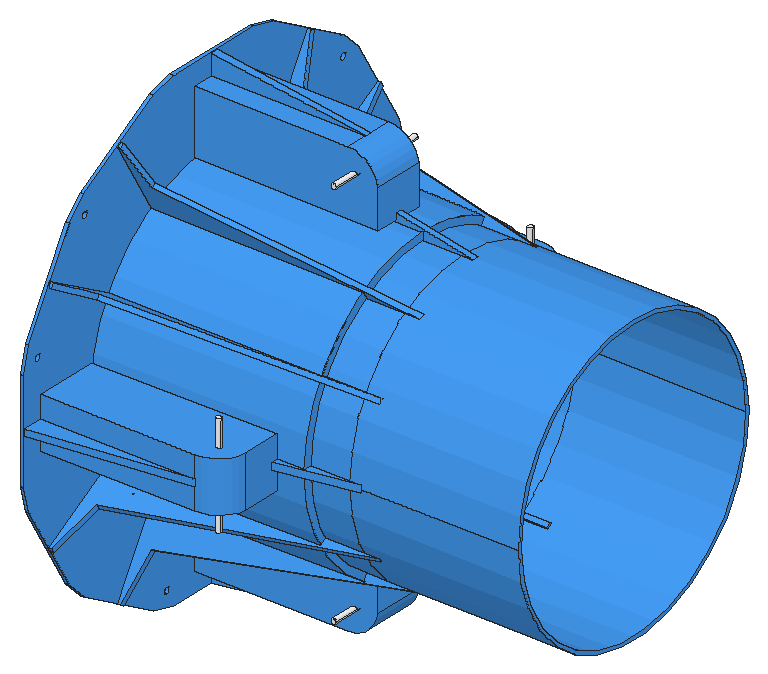
Revit family "H150S REV 0", category Pipe Accessories, Revit 2018
Family settings
  Round Connector Dimension = Use Diameter
  Part Type = Breaks Into
  Work Plane-Based = No
  Always vertical = No
  Cut with Voids When Loaded = Yes
  Shared = No
Parameters
  URL = "http://suresnap.co.uk"
  Model = "H150S"
  Manufacturer = "Suresnap Fire Collars UK"
  Description = "SURE SNAP H150S Cast In Device"
  Cut Depth Offset [instance] = Cut Depth + 1 mm  # 1 mm
  Cut Depth [instance] = 0 mm
  Assembly Code = ""
Reference planes
  plane 1 "Center (Front/Back)": y = 0
  plane 2: z = 0
  plane 3 "Center (Left/Right)": x = 21
  plane 4: x = -230
  plane 5: x = -80
  plane 6: y = 90.593
  plane 7: y = -50
  plane 8: y = 100.593
  plane 9: y = -60
  plane 10: x = -99.679
  plane 11: x = -79.975
Forms (mm)
  Revolve 1, solid, material "PVC-Blue", detail levels medium+fine
    sketch origin (0, 0, 0) x (1, 0, 0) y (0, 1, 0)
      loop
        line (-227.967, -90.913) -> (-102.967, -89.384) -> (-102.967, -84.925) -> (-79.996, -84.925) -> (21, -84.925) -> (21, -83.083) -> (-79.975, -83.083) -> (-105.12, -83.083) -> (-105.12, -86.915) -> (-230, -88.572) -> (-230, -143.5) -> (-227.967, -143.5) -> (-227.967, -90.913)
      axis (-230, 0) -> (21, 0)
    angle from 0 to 360
  Extrusion 2, void
    sketch origin (-227.967, 0, 0) x (0, 1, 0) y (0, 0, -1)
      loop
        line (-37.614, -140.376) -> (37.614, -140.376) -> (102.762, -102.762) -> (140.376, -37.614) -> (140.376, 37.614) -> (102.762, 102.762) -> (37.614, 140.376) -> (-37.614, 140.376) -> (-102.762, 102.762) -> (-140.376, 37.614) -> (-140.376, -37.614) -> (-102.762, -102.762) -> (-37.614, -140.376)
      loop
        circle (0, 0) r 162.092
    from 0 to 2.033
  Extrusion 3, void
    sketch origin (-227.967, 0, 0) x (0, 1, 0) y (0, 0, -1)
      loop
        circle (-95.441, -95.441) r 2.129
      loop
        circle (-130.375, -34.934) r 2.129
      loop
        circle (130.371, -34.948) r 2.129
      loop
        circle (95.43, -95.452) r 2.129
      loop
        circle (-34.934, 130.375) r 2.129
      loop
        circle (34.934, 130.375) r 2.129
    from 0 to 2.033
  Extrusion 4, solid, material "PVC-Blue", detail levels fine
    sketch origin (0, 0, 0) x (1, 0, 0) y (0, 0, 1)
      loop
        line (-227.967, 140.376) -> (-227.967, 128.221) -> (-136.488, 128.221) -> (-227.967, 140.376)
      loop
        line (-118.976, 93.797) -> (-118.976, 84.926) -> (-73.339, 84.926) -> (-118.976, 93.797)
    from -2 to 2
  Extrusion 5, solid, material "PVC-White", not visible, detail levels fine
    sketch origin (0, 0, 0) x (1, 0, 0) y (0, 0, 1)
      loop
        line (-80, 60.418) -> (-227.967, 86.048) -> (-227.967, 69.12) -> (-80, 60.418)
    from -1.5 to 1.5
  Extrusion 6, solid, material "PVC-White", not visible, detail levels fine
    sketch origin (0, 0, 0) x (1, 0, 0) y (0, -0.5, 0.866025)
      loop
        line (-80, 60.418) -> (-227.967, 86.048) -> (-227.967, 69.12) -> (-80, 60.418)
    from -1.5 to 1.5
  Extrusion 7, solid, material "PVC-White", not visible, detail levels fine
    sketch origin (0, 0, 0) x (1, 0, 0) y (0, -0.866025, 0.5)
      loop
        line (-80, 60.418) -> (-227.967, 86.048) -> (-227.967, 69.12) -> (-80, 60.418)
    from -1.5 to 1.5
  Extrusion 8, solid, material "PVC-White", not visible, detail levels fine
    sketch origin (0, 0, 0) x (0, -1, 0) y (-1, 0, 0)
      loop
        line (60.418, 80) -> (86.048, 227.967) -> (69.12, 227.967) -> (60.418, 80)
    from -1.5 to 1.5
  Extrusion 9, solid, material "PVC-White", not visible, detail levels fine
    sketch origin (0, 0, 0) x (1, 0, 0) y (0, -0.866025, -0.5)
      loop
        line (-80, 60.418) -> (-227.967, 86.048) -> (-227.967, 69.12) -> (-80, 60.418)
    from -1.5 to 1.5
  Extrusion 10, solid, material "PVC-White", not visible, detail levels fine
    sketch origin (0, 0, 0) x (1, 0, 0) y (0, -0.5, -0.866025)
      loop
        line (-80, 60.418) -> (-227.967, 86.048) -> (-227.967, 69.12) -> (-80, 60.418)
    from -1.5 to 1.5
  Extrusion 11, solid, material "PVC-White", not visible, detail levels fine
    sketch origin (0, 0, 0) x (1, 0, 0) y (0, 0, -1)
      loop
        line (-80, 60.418) -> (-227.967, 86.048) -> (-227.967, 69.12) -> (-80, 60.418)
    from -1.5 to 1.5
  Extrusion 12, solid, material "PVC-White", not visible, detail levels fine
    sketch origin (0, 0, 0) x (1, 0, 0) y (0, 0.5, -0.866025)
      loop
        line (-80, 60.418) -> (-227.967, 86.048) -> (-227.967, 69.12) -> (-80, 60.418)
    from -1.5 to 1.5
  Extrusion 13, solid, material "PVC-White", not visible, detail levels fine
    sketch origin (0, 0, 0) x (1, 0, 0) y (0, 0.866025, -0.5)
      loop
        line (-80, 60.418) -> (-227.967, 86.048) -> (-227.967, 69.12) -> (-80, 60.418)
    from -1.5 to 1.5
  Extrusion 14, solid, material "PVC-White", not visible, detail levels fine
    sketch origin (0, 0, 0) x (1, 0, 0) y (0, 1, 0)
      loop
        line (-80, 60.418) -> (-227.967, 86.048) -> (-227.967, 69.12) -> (-80, 60.418)
    from -1.5 to 1.5
  Extrusion 15, solid, material "PVC-White", not visible, detail levels fine
    sketch origin (0, 0, 0) x (1, 0, 0) y (0, 0.866025, 0.5)
      loop
        line (-80, 60.418) -> (-227.967, 86.048) -> (-227.967, 69.12) -> (-80, 60.418)
    from -1.5 to 1.5
  Extrusion 16, solid, material "PVC-White", not visible, detail levels fine
    sketch origin (0, 0, 0) x (1, 0, 0) y (0, 0.5, 0.866025)
      loop
        line (-80, 60.418) -> (-227.967, 86.048) -> (-227.967, 69.12) -> (-80, 60.418)
    from -1.5 to 1.5
  Extrusion 17, solid, material "PVC-White", detail levels fine
    sketch origin (24.405, 0, 35.275) x (1, 0, 0) y (0, 0, 1)
      loop
        circle (-157.362, 79.878) r 1.5
    from -30 to 30
  Extrusion 18, void
    sketch origin (21, 0, 0) x (0, 1, 0) y (0, 0, -1)
      loop
        circle (0, 0) r 120
    from 0 to 1 <- "Cut Depth Offset"
  Extrusion 19, solid, material "PVC-Blue", detail levels fine
    sketch origin (0, 0, -12.155) x (1, 0, 0) y (0, 0, 1)
      loop
        line (-227.967, 103.119) -> (-118.976, 101.786) -> (-118.976, 124.831)
        arc (-118.976, 124.831) -> (-124.78, 135.929) -> (-136.488, 140.376) r 17.637
        line (-136.488, 140.376) -> (-227.967, 140.376) -> (-227.967, 103.119)
    from -15 to 15
  Extrusion 20, solid, material "PVC-Blue", detail levels fine
    sketch origin (0, 0, 0) x (1, 0, 0) y (0, 0.866025, -0.5)
      loop
        line (-227.967, 140.376) -> (-227.967, 95.93) -> (-79.996, 87.342) -> (-219.126, 111.334) -> (-225.831, 140.376) -> (-227.967, 140.376)
    from -1.5 to 1.5
  Extrusion 21, solid, material "PVC-White", not visible, detail levels fine
    sketch origin (0, 0, 0) x (1, 0, 0) y (0, 0, 1)
      loop
        line (-227.967, 140.376) -> (-227.967, 128.221) -> (-136.488, 128.221) -> (-227.967, 140.376)
    from -2 to 2
  Extrusion 22, solid, material "PVC-White", not visible, detail levels fine
    sketch origin (24.405, 0, 35.275) x (1, 0, 0) y (0, 0, 1)
      loop
        circle (-157.362, 79.878) r 1.5
    from -30 to 30
  Extrusion 23, solid, material "PVC-White", not visible, detail levels fine
    sketch origin (0, 0, -12.155) x (1, 0, 0) y (0, 0, 1)
      loop
        line (-227.967, 103.119) -> (-118.976, 101.786) -> (-118.976, 124.831)
        arc (-118.976, 124.831) -> (-124.78, 135.929) -> (-136.488, 140.376) r 17.637
        line (-136.488, 140.376) -> (-227.967, 140.376) -> (-227.967, 103.119)
    from -15 to 15
  Extrusion 24, solid, material "PVC-Blue", detail levels fine
    sketch origin (0, 0, 0) x (1, 0, 0) y (0, 0.5, -0.866025)
      loop
        line (-227.967, 140.376) -> (-227.967, 82.232) -> (-62.967, 82.232) -> (-62.967, 83.05) -> (-219.126, 111.334) -> (-225.831, 140.376) -> (-227.967, 140.376)
    from -1.5 to 1.5
  Extrusion 25, solid, material "PVC-Blue", detail levels fine
    sketch origin (0, 0, 0) x (1, 0, 0) y (0, 0.866025, 0.5)
      loop
        line (-227.967, 140.376) -> (-227.967, 82.232) -> (-62.967, 82.232) -> (-62.967, 83.05) -> (-219.126, 111.334) -> (-225.831, 140.376) -> (-227.967, 140.376)
    from -1.5 to 1.5
  Extrusion 26, solid, material "PVC-Blue", detail levels fine
    sketch origin (0, 0, 0) x (1, 0, 0) y (0, 0.5, 0.866025)
      loop
        line (-227.967, 140.376) -> (-227.967, 82.232) -> (-62.967, 82.232) -> (-62.967, 83.05) -> (-219.126, 111.334) -> (-225.831, 140.376) -> (-227.967, 140.376)
    from -1.5 to 1.5
  Extrusion 27, solid, material "PVC-Blue", detail levels fine
    sketch origin (0, 0, 0) x (1, 0, 0) y (0, -0.5, 0.866025)
      loop
        line (-227.967, 140.376) -> (-227.967, 82.232) -> (-62.967, 82.232) -> (-62.967, 83.05) -> (-219.126, 111.334) -> (-225.831, 140.376) -> (-227.967, 140.376)
    from -1.5 to 1.5
  Extrusion 28, solid, material "PVC-Blue", detail levels fine
    sketch origin (0, 0, 0) x (1, 0, 0) y (0, -0.866025, 0.5)
      loop
        line (-227.967, 140.376) -> (-227.967, 82.232) -> (-62.967, 82.232) -> (-62.967, 83.05) -> (-219.126, 111.334) -> (-225.831, 140.376) -> (-227.967, 140.376)
    from -1.5 to 1.5
  Extrusion 29, solid, material "PVC-Blue", detail levels fine
    sketch origin (0, 0, 0) x (1, 0, 0) y (0, -0.5, -0.866025)
      loop
        line (-227.967, 140.376) -> (-227.967, 82.232) -> (-62.967, 82.232) -> (-62.967, 83.05) -> (-219.126, 111.334) -> (-225.831, 140.376) -> (-227.967, 140.376)
    from -1.5 to 1.5
  Extrusion 30, solid, material "PVC-White", detail levels fine
    sketch origin (24.405, 35.275, 0) x (1, 0, 0) y (0, 1, 0)
      loop
        circle (-157.362, 79.878) r 1.5
    from -30 to 30
  Extrusion 31, solid, material "PVC-Blue", detail levels fine
    sketch origin (0, -12.155, 0) x (1, 0, 0) y (0, 1, 0)
      loop
        line (-227.967, 103.119) -> (-118.976, 101.786) -> (-118.976, 124.831)
        arc (-118.976, 124.831) -> (-124.78, 135.929) -> (-136.488, 140.376) r 17.637
        line (-136.488, 140.376) -> (-227.967, 140.376) -> (-227.967, 103.119)
    from -15 to 15
  Extrusion 32, solid, material "PVC-White", detail levels fine
    sketch origin (24.405, 0, -35.275) x (1, 0, 0) y (0, 0, -1)
      loop
        circle (-157.362, 79.878) r 1.5
    from -30 to 30
  Extrusion 33, solid, material "PVC-Blue", detail levels fine
    sketch origin (0, 0, 12.155) x (1, 0, 0) y (0, 0, -1)
      loop
        line (-227.967, 103.119) -> (-118.976, 101.786) -> (-118.976, 124.831)
        arc (-118.976, 124.831) -> (-124.78, 135.929) -> (-136.488, 140.376) r 17.637
        line (-136.488, 140.376) -> (-227.967, 140.376) -> (-227.967, 103.119)
    from -15 to 15
  Extrusion 34, solid, material "PVC-White", detail levels fine
    sketch origin (24.405, -35.275, 0) x (0, -1, 0) y (1, 0, 0)
      loop
        circle (79.878, -157.362) r 1.5
    from -30 to 30
  Extrusion 35, solid, material "PVC-Blue", detail levels fine
    sketch origin (0, 12.155, 0) x (0, -1, 0) y (1, 0, 0)
      loop
        line (103.119, -227.967) -> (140.376, -227.967) -> (140.376, -136.488)
        arc (140.376, -136.488) -> (135.929, -124.78) -> (124.831, -118.976) r 17.637
        line (124.831, -118.976) -> (101.786, -118.976) -> (103.119, -227.967)
    from -15 to 15
  Extrusion 36, solid, material "PVC-Blue", detail levels fine
    sketch origin (0, 0, 0) x (1, 0, 0) y (0, -0.866025, -0.5)
      loop
        line (-227.967, 140.376) -> (-227.967, 82.232) -> (-62.967, 82.232) -> (-62.967, 83.05) -> (-219.126, 111.334) -> (-225.831, 140.376) -> (-227.967, 140.376)
    from -1.5 to 1.5
  Extrusion 37, solid, material "PVC-White", not visible, detail levels fine
    sketch origin (0, 0, 0) x (1, 0, 0) y (0, 0, -1)
      loop
        line (-227.967, 140.376) -> (-227.967, 128.221) -> (-136.488, 128.221) -> (-227.967, 140.376)
    from -2 to 2
  Extrusion 38, solid, material "PVC-White", not visible, detail levels fine
    sketch origin (24.405, 0, -35.275) x (1, 0, 0) y (0, 0, -1)
      loop
        circle (-157.362, 79.878) r 1.5
    from -30 to 30
  Extrusion 39, solid, material "PVC-White", not visible, detail levels fine
    sketch origin (0, 0, 12.155) x (1, 0, 0) y (0, 0, -1)
      loop
        line (-227.967, 103.119) -> (-118.976, 101.786) -> (-118.976, 124.831)
        arc (-118.976, 124.831) -> (-124.78, 135.929) -> (-136.488, 140.376) r 17.637
        line (-136.488, 140.376) -> (-227.967, 140.376) -> (-227.967, 103.119)
    from -15 to 15
  Extrusion 40, solid, material "PVC-Blue", detail levels fine
    sketch origin (0, 0, 0) x (1, 0, 0) y (0, 1, 0)
      loop
        line (-227.967, 140.376) -> (-227.967, 128.221) -> (-136.488, 128.221) -> (-227.967, 140.376)
      loop
        line (-118.976, 93.797) -> (-118.976, 84.926) -> (-73.339, 84.926) -> (-118.976, 93.797)
    from -2 to 2
  Extrusion 41, solid, material "PVC-Blue", detail levels fine
    sketch origin (0, 0, 0) x (1, 0, 0) y (0, 0, -1)
      loop
        line (-227.967, 140.376) -> (-227.967, 128.221) -> (-136.488, 128.221) -> (-227.967, 140.376)
      loop
        line (-118.976, 93.797) -> (-118.976, 84.926) -> (-73.339, 84.926) -> (-118.976, 93.797)
    from -2 to 2
  Extrusion 42, solid, material "PVC-Blue", detail levels fine
    sketch origin (0, 0, 0) x (0, -1, 0) y (1, 0, 0)
      loop
        line (140.376, -227.967) -> (128.221, -136.488) -> (128.221, -227.967) -> (140.376, -227.967)
      loop
        line (93.797, -118.976) -> (84.926, -73.339) -> (84.926, -118.976) -> (93.797, -118.976)
    from -2 to 2
Cuts and joins
  Extrusion 2, Extrusion 3, Extrusion 18 cuts Revolve 1
Dimensions and locks
  Extrusion 5 sketch curve to Extrusion 5 sketch curve = 0 mm
  Extrusion 6 sketch curve to Extrusion 6 sketch curve = 0 mm
  Extrusion 7 sketch curve to Extrusion 7 sketch curve = 0 mm
  Extrusion 8 sketch curve to Extrusion 8 sketch curve = 0 mm
  Extrusion 9 sketch curve to Extrusion 9 sketch curve = 0 mm
  Extrusion 10 sketch curve to Extrusion 10 sketch curve = 0 mm
  Extrusion 11 sketch curve to Extrusion 11 sketch curve = 0 mm
  Extrusion 12 sketch curve to Extrusion 12 sketch curve = 0 mm
  Extrusion 13 sketch curve to Extrusion 13 sketch curve = 0 mm
  Extrusion 14 sketch curve to Extrusion 14 sketch curve = 0 mm
  Extrusion 15 sketch curve to Extrusion 15 sketch curve = 0 mm
  Extrusion 16 sketch curve to Extrusion 16 sketch curve = 0 mm
  plane 4 to cut or joined group of Revolve 1, Extrusion 2, Extrusion 3, Extrusion 18 = 250 mm
  aligned and locked: level to plane 2
  aligned and locked: plane 1 "Center (Front/Back)" to Revolve 1 sketch curve
  aligned and locked: plane 3 "Center (Left/Right)" to Extrusion 18
Connectors
  piping at (-99.679, 0, 0), diameter 150
    settings: on plane 10, index 4, connector inside diameter 609.6 mm, connector length 0 mm, flow factor 0, pipe flow 0.0 L/s, pressure drop 0.0 Pa, fitting loss kfactor 0, connector angle 0.00°, fixture units 0, engagement length 0 mm, angle of deflection 0.00°, flow configuration 0, flow direction 0, fitting loss method 0, system type 7, joint type 0, gender type 0, connector reference index -1, connector utility 0, adjustable connector no, is connector primary yes, connector description ""
  piping at (-80, 0, 0), diameter 150
    settings: on plane 5, index 5, connector inside diameter 609.6 mm, connector length 0 mm, flow factor 0, pipe flow 0.0 L/s, pressure drop 0.0 Pa, fitting loss kfactor 0, connector angle 0.00°, fixture units 0, engagement length 0 mm, angle of deflection 0.00°, flow configuration 0, flow direction 0, fitting loss method 0, system type 7, joint type 0, gender type 0, connector reference index -1, connector utility 0, adjustable connector no, is connector primary no, connector description ""
